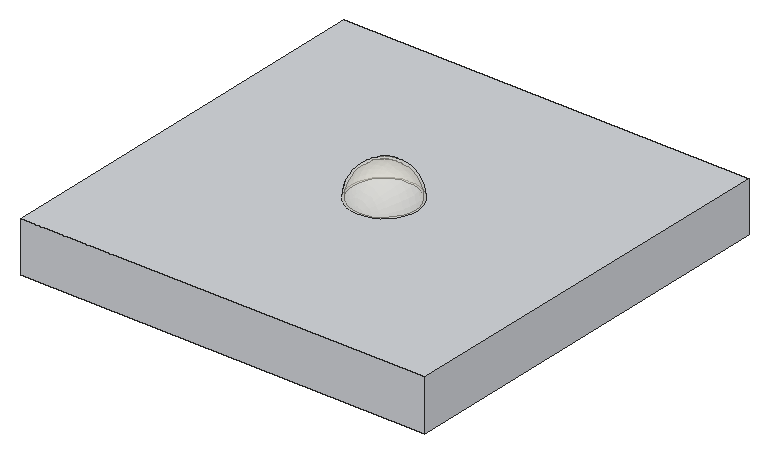
Revit family "M_Luminária de arandela - Esfera", category Luminárias, Revit 2019
Family settings
  Hospedeiro = Face
  Cota do conector redondo = Utilizar diâmetro
  Tipo de parte = Normal
  Número OmniClass = 23.80.70.11.11
  Título OmniClass = General Luminaries, Non Directional
  ID de item do Seek = Sconce Light - Sphere-0000-CAN-ENU
  Corte com vazios quando carregada = Não
  Fonte luminosa = Sim
  Compartilhado = Não
  Ponto de cálculo do ambiente = Não
Parameters (values of type "100W - 120V")
  Wattage = 100 W
  built-in parameter 1150110 = 1 (stored number, unit not read)
  built-in parameter 1150109 = 1 (stored number, unit not read)
  built-in parameter 1150134 = 4
  built-in parameter 1150113 = 1 (stored number, unit not read)
  Tilt Angle = 90.00°
  Material de sombra = Vidro, Jateado
  Raio = 200 mm
  Arquivo de rede fotométrica = "TLAE1A21.ies"
  Lumens = 1200 lm
  built-in parameter 1114217 = 1 (stored number, unit not read)
  built-in parameter 1150115 = 1 (stored number, unit not read)
  built-in parameter 1150105 = 95.493 (stored number, unit not read)
  Classificação de carga = Iluminação - Unidade de interrupção
  built-in parameter 1150137 = 1
  built-in parameter 1150139 = (empty or 0)
  built-in parameter 1150112 = 1 (stored number, unit not read)
  built-in parameter 1150114 = 1 (stored number, unit not read)
  Lâmpada = "R-30"
  built-in parameter 1150132 = (empty or 0)
  built-in parameter 1150102 = (empty or 0)
  built-in parameter 1150138 = (empty or 0)
  built-in parameter 1150107 = 2800 (stored number, unit not read)
  built-in parameter 1150106 = 0.95493 (stored number, unit not read)
  built-in parameter 1150104 = 1.1148 (stored number, unit not read)
  Dimming Lamp Color Temperature Shift = (empty or 0)
  Elevação-padrão = 1900 mm
  Color Filter = 16777215
  built-in parameter 1140040 [instance] = 1
  Voltagem do transformador = 120 V
  Transformador por número de postes = 1
  built-in parameter 1114218 = 1 (stored number, unit not read)
  built-in parameter 1150133 = 10 (stored number, unit not read)
  Código de montagem = "D5020220"
  Carga aparente = 100 VA
Types (4, lengths in mm): name | Wattage | Arquivo de rede fotométrica | Lumens | built-in parameter 1150105 | Lâmpada | built-in parameter 1150106 | built-in parameter 1150104 | Voltagem do transformador | Carga aparente
  60W - 120V | 60 W | "TLAE1A19.ies" | 855 lm | 68.039 (stored number, unit not read) | "A-19" | 0.68039 (stored number, unit not read) | 1.3239 (stored number, unit not read) | 120 V | 60 VA
  60W - 277V | 60 W | "TLAE1A19.ies" | 855 lm | 68.039 (stored number, unit not read) | "A-19" | 0.68039 (stored number, unit not read) | 1.3239 (stored number, unit not read) | 277 V | 60 VA
  100W - 120V | 100 W | "TLAE1A21.ies" | 1200 lm | 95.493 (stored number, unit not read) | "R-30" | 0.95493 (stored number, unit not read) | 1.1148 (stored number, unit not read) | 120 V | 100 VA
  100W - 277V | 100 W | "TLAE1A21.ies" | 1200 lm | 95.493 (stored number, unit not read) | "R-30" | 0.95493 (stored number, unit not read) | 1.1148 (stored number, unit not read) | 277 V | 100 VA
Reference planes
  plane 1 "Centro (Frente/Trás)": y = 0
  plane 2: z = 0
  plane 3 "Centro (Esquerda/Direita)": x = 0
  plane 4: z = 63.5
Forms (mm)
  Extrusion 1, solid
    sketch origin (0, 0, 0) x (1, 0, 0) y (0, 1, 0)
      loop
        line (-1219.2, 1219.2) -> (-1219.2, -1219.2) -> (1219.2, -1219.2) -> (1219.2, 1219.2) -> (-1219.2, 1219.2)
    from 0 to -304.8
  Revolve 2, solid, material "Vidro, Jateado" <- "Material de sombra"
    sketch origin (0, 0, 0) x (1, 0, 0) y (0, 1, 0)
      loop
        line (0, -187.3) -> (0, -200)
        arc (0, -200) -> (200, 0) -> (0, 200) r 200
        line (0, 200) -> (0, 187.3)
        arc (0, 187.3) -> (187.3, 0) -> (0, -187.3) r 187.3
      axis (0, 200) -> (0, -200)
    angle from 180 to 360
  Revolve 3, solid, material "Vidro, Jateado" <- "Material de sombra"
    sketch origin (0, 0, 0) x (1, 0, 0) y (0, 1, 0)
      loop
        line (0, 200) -> (0, -200)
        arc (0, -200) -> (200, 0) -> (0, 200) r 200
      axis (0, -200) -> (0, 200)
    angle from 180 to 360
Dimensions and locks
  locked: plane 4 to level at 63.5
  "Raio": radius of Revolve 2 sketch curve
  "Raio": radius of Revolve 3 sketch curve
  aligned and locked: plane 2 to Extrusion 1
  aligned and locked: level to Extrusion 1
  aligned and locked: plane 1 "Centro (Frente/Trás)" to Revolve 2 sketch curve  (x2)
  aligned and locked: plane 3 "Centro (Esquerda/Direita)" to Revolve 2 sketch curve  (x2)
  aligned and locked: Revolve 2 sketch curve to plane 3 "Centro (Esquerda/Direita)"  (x3)
  aligned and locked: plane 1 "Centro (Frente/Trás)" to Revolve 3 sketch curve
  aligned and locked: plane 3 "Centro (Esquerda/Direita)" to Revolve 3 sketch curve  (x3)
  aligned and locked: imposter light to plane 4
Automatic sketch dimensions
  Extrusion 1 sketch curve to Extrusion 1 sketch curve = 2438.4 mm  (x2)
  Revolve 2 sketch curve to Revolve 2 sketch curve = 12.7 mm
  Revolve 2 sketch curve to Revolve 2 sketch curve = 44.45 mm
  Revolve 2 sketch curve to Revolve 2 sketch curve = 120.65 mm
  Revolve 3 sketch curve to Revolve 3 sketch curve = 25.676 mm
  Revolve 3 sketch curve to Revolve 3 sketch curve = 50.8 mm
Connectors
  electrical at (0, 0, 0), driven by "Carga aparente", driven by "Voltagem do transformador", driven by "Transformador por número de postes", driven by "Classificação de carga"
    settings: on Revolve 2, index 1, voltage 120 V, apparent load 0 VA, apparent load phase1 100 VA, apparent load phase2 0 VA, apparent load phase3 0 VA, power factor 0.95, load classification "Iluminação - Unidade de interrupção", number of poles 1, system type 31, power factor state 1, is connector primary yes, connector utility no, sub classification motor no, connector description ""
